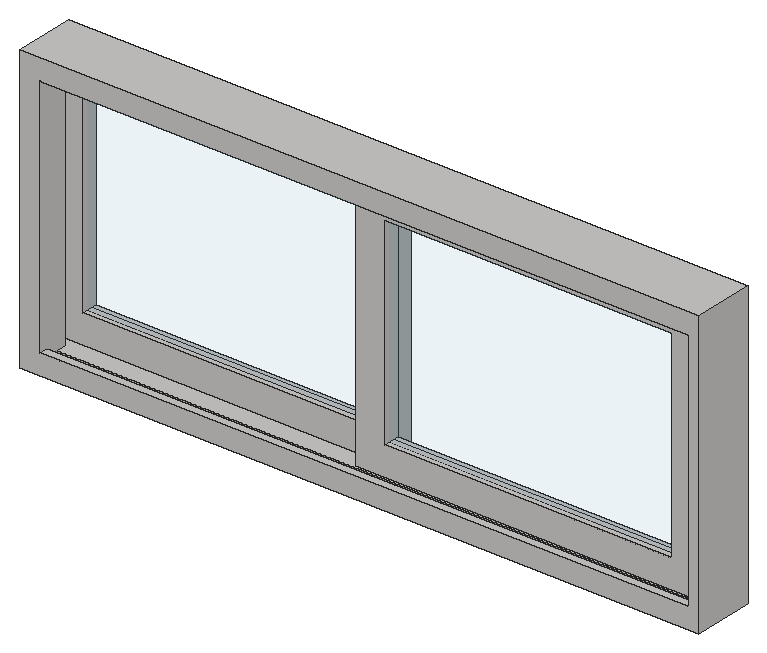
Revit family
Parameters
  프레임재질 = st'l
  윈도우전체두께 = 150 mm
  상하단프레임폭 = 50 mm
  Assembly Code = ""
Reference planes
  plane 1 "Center (Front/Right)": y = 0
  plane 2: z = 0
  plane 3 "Center (Left/Right)": x = -3.123
  plane 4 "Left": x = -838.123
  plane 5 "Right": x = 831.877
  plane 6 "Top": z = 700
  plane 7: y = -75
  plane 8: y = 75
  plane 9 "f": y = 20
  plane 10 "b": y = -20.884
  plane 11: z = 650
  plane 12: x = -788.123
  plane 13: x = 781.877
  plane 14: z = 350
Forms (mm)
  Extrusion 1, solid, material "st'l" <- "프레임재질"
    sketch origin (-3.123, 0, 0) x (0, 1, 0) y (0, 0, 1)
      loop
        line (-75, 0) -> (75, 0) -> (75, 50) -> (25, 50) -> (25, 33.333) -> (-25, 33.333) -> (-25, 16.667) -> (-55, 16.667) -> (-55, 50) -> (-75, 50) -> (-75, 0)
    from -835 to 835
  Extrusion 2, solid, material "st'l" <- "프레임재질"
    sketch origin (-3.123, 0, 0) x (0, 1, 0) y (0, 0, 1)
      loop
        line (-75, 700) -> (-75, 650) -> (-55, 650) -> (-55, 685) -> (-24.81, 685) -> (-24.81, 675) -> (-16.957, 675) -> (-16.957, 685) -> (16.002, 685) -> (16.002, 675) -> (23.998, 675) -> (23.998, 685) -> (75, 685) -> (75, 700) -> (-75, 700)
    from -835 to 835
  Extrusion 3, solid, material "st'l" <- "프레임재질"
    sketch origin (0, 0, 0) x (1, 0, 0) y (0, 1, 0)
      loop
        line (-838.123, 75) -> (-838.123, -75) -> (-788.123, -75) -> (-788.123, 0) -> (-813.123, 0) -> (-813.123, 75) -> (-838.123, 75)
      loop
        line (831.877, 75) -> (781.877, 75) -> (781.877, 0) -> (806.877, 0) -> (806.877, -75) -> (831.877, -75) -> (831.877, 75)
    from 0 to 700
  Sweep 4, solid, material "st'l" <- "프레임재질"
    path origin (0, 20, 0) x (0, 0, -1) y (1, 0, 0)
      loop
        line (-685, 31.877) -> (-685, -813.123) -> (-50, -813.123) -> (-50, 31.877) -> (-685, 31.877)
    profile origin (-390.623, 20, 685) x (0, 0, -1) y (0, -1, 0)
      loop
        line (0, -20) -> (70, -20) -> (70, 20) -> (0, 20) -> (0, -20)
  Sweep 5, solid, material "st'l" <- "프레임재질"
    path origin (0, -20.884, 0) x (0, 0, -1) y (1, 0, 0)
      loop
        line (-685, 806.877) -> (-685, -38.123) -> (-50, -38.123) -> (-50, 806.877) -> (-685, 806.877)
    profile origin (384.377, -20.884, 685) x (0, 0, -1) y (0, -1, 0)
      loop
        line (0, -20) -> (70, -20) -> (70, 20) -> (0, 20) -> (0, -20)
  Extrusion 6, solid, material "Glass"
    sketch origin (0, 20, 0) x (0, 0, -1) y (1, 0, 0)
      loop
        line (-615, 736.877) -> (-615, 31.877) -> (-120, 31.877) -> (-120, 736.877) -> (-615, 736.877)
    from 34.023 to 47.744
  Extrusion 7, solid, material "Glass"
    sketch origin (-775, 60.884, 0) x (0, 0, -1) y (1, 0, 0)
      loop
        line (-615, 736.877) -> (-615, 31.877) -> (-120, 31.877) -> (-120, 736.877) -> (-615, 736.877)
    from 34.023 to 47.744
Cuts and joins
  joined: Extrusion 1, Extrusion 2, Extrusion 3
Lines and regions (mm)
  symbolic lines, style "WindowsOpeningProjection"
    curve 1: line (-398.91, 20, 350) -> (-128.474, 20, 350)
    curve 2: line (-128.474, 20, 350) -> (-223.762, 20, 445.289)
    curve 3: line (392.663, 20, 350) -> (122.228, 20, 350)
    curve 4: line (122.228, 20, 350) -> (217.516, 20, 445.289)
Text (mm)
  text "Exterior" at (-1654.078, 797.241, 0), in view "Ref. Level"
Dimensions and locks
  equal spacing: plane 4 "Left", plane 3 "Center (Left/Right)", plane 5 "Right"
  plane 4 "Left" to plane 5 "Right" = 1670 mm
  equal spacing: plane 7, plane 1 "Center (Front/Right)", plane 8
  "윈도우전체두께": plane 7 to plane 8
  locked: plane 7 to Extrusion 1 sketch curve at 20
  equal spacing: Extrusion 1 sketch curve, Extrusion 1 sketch curve, Extrusion 1 sketch curve, Extrusion 1 sketch curve  (x2)
  "상하단프레임폭": Extrusion 1 to level
  "상하단프레임폭": plane 11 to plane 6 "Top"
  equal spacing: Extrusion 2 sketch curve, plane 10 "b", Extrusion 2 sketch curve
  equal spacing: Extrusion 2 sketch curve, plane 9 "f", Extrusion 2 sketch curve
  locked: Extrusion 2 sketch curve to Extrusion 2 sketch curve at 7.853
  locked: Extrusion 2 sketch curve to Extrusion 2 sketch curve at 7.996
  "상하단프레임폭": plane 4 "Left" to plane 12
  "상하단프레임폭": plane 13 to plane 5 "Right"
  equal spacing: Extrusion 2, Extrusion 3 sketch curve, Extrusion 3 sketch curve
  equal spacing: Extrusion 3 sketch curve, Extrusion 3 sketch curve, Extrusion 2
  equal spacing: Sweep 4 sketch curve, plane 9 "f", Sweep 4 sketch curve
  locked: plane 3 "Center (Left/Right)" to Sweep 4 sketch curve at 35
  Sweep 5 sketch curve to Sweep 5 sketch curve = 40 mm
  equal spacing: Extrusion 6, plane 10 "b", Extrusion 6
  Extrusion 6 to Extrusion 6 = 13.721 mm
  Extrusion 7 to Extrusion 7 = 13.721 mm
  equal spacing: plane 2, plane 14, plane 6 "Top"
  aligned and locked: Extrusion 1 sketch curve to Extrusion 1 sketch curve
  aligned and locked: Extrusion 1 sketch curve to plane 8
  aligned and locked: Extrusion 1 sketch curve to level
  aligned and locked: plane 4 "Left" to Extrusion 1
  aligned and locked: Extrusion 1 to plane 5 "Right"
  aligned and locked: Extrusion 2 sketch curve to plane 6 "Top"
  aligned and locked: plane 7 to Extrusion 2 sketch curve
  aligned and locked: Extrusion 2 sketch curve to plane 11
  aligned and locked: Extrusion 2 sketch curve to plane 8
  aligned and locked: Extrusion 2 sketch curve to Extrusion 2 sketch curve
  aligned and locked: Extrusion 2 to plane 5 "Right"
  aligned and locked: plane 4 "Left" to Extrusion 2
  aligned and locked: plane 4 "Left" to Extrusion 3 sketch curve
  aligned and locked: plane 7 to Extrusion 3 sketch curve  (x2)
  aligned and locked: Extrusion 3 sketch curve to plane 8  (x2)
  aligned and locked: Extrusion 3 to plane 6 "Top"
  aligned and locked: Extrusion 3 to level
  aligned and locked: Extrusion 3 sketch curve to plane 5 "Right"
  aligned and locked: plane 1 "Center (Front/Right)" to Extrusion 3 sketch curve
  aligned and locked: Sweep 4 sketch curve to cut or joined group of Extrusion 1, Extrusion 2, Extrusion 3  (x3)
  aligned and locked: Extrusion 6 sketch curve to Sweep 5  (x3)
  aligned and locked: Sweep 5 to Extrusion 6 sketch curve
  aligned and locked: Extrusion 7 sketch curve to Sweep 4  (x4)
  aligned and locked: plane 14 to curve 1
  aligned and locked: curve 3 to plane 14
Automatic sketch dimensions
  Extrusion 1 sketch curve to plane 7 = 0 mm
  level to Extrusion 1 sketch curve = 16.667 mm
  Extrusion 2 sketch curve to plane 7 = 20 mm
  plane 6 "Top" to Extrusion 2 sketch curve = 25 mm
  Extrusion 2 sketch curve to Extrusion 2 sketch curve = 10 mm
  plane 6 "Top" to Extrusion 2 sketch curve = 15 mm
  Extrusion 2 sketch curve to Extrusion 2 sketch curve = 0 mm
  Extrusion 3 sketch curve to plane 1 "Center (Front/Right)" = 0 mm
  Extrusion 3 sketch curve to plane 12 = 0 mm
  Extrusion 3 sketch curve to plane 13 = 0 mm
  Sweep 4 sketch curve to profile plane = 0 mm
  plane 9 "f" to Sweep 4 sketch curve = 20 mm
  Sweep 4 sketch curve to profile plane = 70 mm
  plane 6 "Top" to Sweep 5 sketch curve = 15 mm
  level to Sweep 5 sketch curve = 50 mm
  Sweep 5 sketch curve to plane 3 "Center (Left/Right)" = 35 mm
  plane 5 "Right" to Sweep 5 sketch curve = 25 mm
  Sweep 5 sketch curve to profile plane = 0 mm
  plane 10 "b" to Sweep 5 sketch curve = 20 mm
  Sweep 5 sketch curve to Sweep 5 sketch curve = 70 mm
  Sweep 5 sketch curve to plane 10 "b" = 20 mm
  curve 2 to plane 3 "Center (Left/Right)" = 125.351 mm
  curve 2 to curve 2 = 95.289 mm
  curve 4 to curve 3 = 95.289 mm
  curve 2 to curve 1 = 95.289 mm
  curve 1 to curve 2 = 175.147 mm
  plane 3 "Center (Left/Right)" to curve 3 = 125.351 mm
  curve 3 to curve 4 = 95.289 mm
  curve 4 to curve 3 = 175.147 mm
